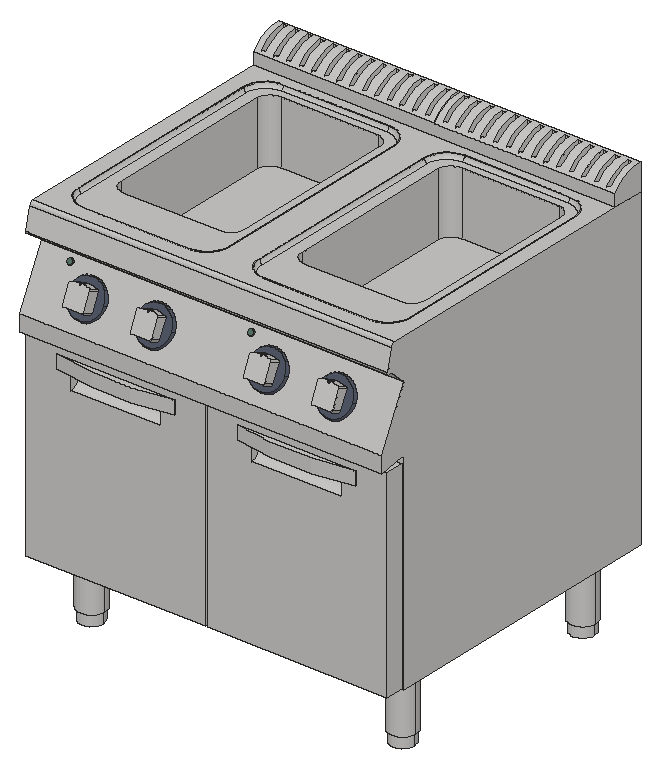
Revit family "QF_ZANUSSI_372099_Z7PCEH2KF0", category Specialty Equipment, Revit 2018 (continued)
Automatic sketch dimensions
  Extrusion 13 sketch curve to Extrusion 13 sketch curve = 9.296 mm
  Extrusion 13 sketch curve to Extrusion 13 sketch curve = 57.15 mm
  plane 1 "BACK" to Extrusion 14 sketch curve = 6.761 mm
  Extrusion 14 sketch curve to plane 7 "Center Y" = 154.563 mm
  Extrusion 14 sketch curve to Extrusion 14 sketch curve = 9.296 mm
  Extrusion 14 sketch curve to Extrusion 14 sketch curve = 57.15 mm
  plane 1 "BACK" to Extrusion 15 sketch curve = 6.761 mm
  Extrusion 15 sketch curve to plane 7 "Center Y" = 126.721 mm
  Extrusion 15 sketch curve to Extrusion 15 sketch curve = 9.296 mm
  Extrusion 15 sketch curve to Extrusion 15 sketch curve = 57.15 mm
  plane 1 "BACK" to Extrusion 16 sketch curve = 6.761 mm
  Extrusion 16 sketch curve to plane 7 "Center Y" = 98.878 mm
  Extrusion 16 sketch curve to Extrusion 16 sketch curve = 9.296 mm
  Extrusion 16 sketch curve to Extrusion 16 sketch curve = 57.15 mm
  plane 1 "BACK" to Extrusion 17 sketch curve = 6.761 mm
  Extrusion 17 sketch curve to plane 7 "Center Y" = 71.036 mm
  Extrusion 17 sketch curve to Extrusion 17 sketch curve = 9.296 mm
  Extrusion 17 sketch curve to Extrusion 17 sketch curve = 57.15 mm
  plane 1 "BACK" to Extrusion 18 sketch curve = 6.761 mm
  Extrusion 18 sketch curve to plane 7 "Center Y" = 43.194 mm
  Extrusion 18 sketch curve to Extrusion 18 sketch curve = 9.296 mm
  Extrusion 18 sketch curve to Extrusion 18 sketch curve = 57.15 mm
  Extrusion 20 sketch curve to plane 1 "BACK" = 6.761 mm
  Extrusion 20 sketch curve to plane 7 "Center Y" = 15.351 mm
  Extrusion 20 sketch curve to Extrusion 20 sketch curve = 9.296 mm
  Extrusion 20 sketch curve to Extrusion 20 sketch curve = 57.15 mm
  Extrusion 27 sketch curve to plane 1 "BACK" = 6.761 mm
  Extrusion 27 sketch curve to plane 7 "Center Y" = 182.405 mm
  Extrusion 27 sketch curve to Extrusion 27 sketch curve = 9.296 mm
  Extrusion 27 sketch curve to Extrusion 27 sketch curve = 57.15 mm
  Extrusion 28 sketch curve to plane 1 "BACK" = 6.761 mm
  Extrusion 28 sketch curve to plane 7 "Center Y" = 154.563 mm
  Extrusion 28 sketch curve to Extrusion 28 sketch curve = 9.296 mm
  Extrusion 28 sketch curve to Extrusion 28 sketch curve = 57.15 mm
  Extrusion 29 sketch curve to plane 1 "BACK" = 6.761 mm
  Extrusion 29 sketch curve to plane 7 "Center Y" = 126.721 mm
  Extrusion 29 sketch curve to Extrusion 29 sketch curve = 9.296 mm
  Extrusion 29 sketch curve to Extrusion 29 sketch curve = 57.15 mm
  Extrusion 30 sketch curve to plane 1 "BACK" = 6.761 mm
  Extrusion 30 sketch curve to plane 7 "Center Y" = 98.878 mm
  Extrusion 30 sketch curve to Extrusion 30 sketch curve = 9.296 mm
  Extrusion 30 sketch curve to Extrusion 30 sketch curve = 57.15 mm
  Extrusion 31 sketch curve to plane 1 "BACK" = 6.761 mm
  Extrusion 31 sketch curve to plane 7 "Center Y" = 71.036 mm
  Extrusion 31 sketch curve to Extrusion 31 sketch curve = 9.296 mm
  Extrusion 31 sketch curve to Extrusion 31 sketch curve = 57.15 mm
  Extrusion 32 sketch curve to plane 1 "BACK" = 6.761 mm
  Extrusion 32 sketch curve to plane 7 "Center Y" = 43.194 mm
  Extrusion 32 sketch curve to Extrusion 32 sketch curve = 9.296 mm
  Extrusion 32 sketch curve to Extrusion 32 sketch curve = 57.15 mm
  plane 1 "BACK" to Extrusion 33 sketch curve = 0 mm
  plane 7 "Center Y" to Extrusion 33 sketch curve = 1.587 mm
  Extrusion 33 sketch curve to plane 7 "Center Y" = 1.588 mm
  Extrusion 33 sketch curve to Extrusion 33 sketch curve = 69.85 mm
  Revolve 34 sketch curve to level = 0 mm
  Revolve 34 sketch curve to plane 14 = 0 mm  (x2)
  level to Revolve 34 sketch curve = 25 mm
  plane 3 "LEFT" to Revolve 34 sketch curve = 56 mm
  plane 3 "LEFT" to Revolve 34 sketch curve = 29.75 mm
  plane 3 "LEFT" to Revolve 34 sketch curve = 26 mm
  Revolve 34 sketch curve to Revolve 34 sketch curve = 20 mm
  Revolve 34 sketch curve to Revolve 34 sketch curve = 0 mm
  Revolve 35 sketch curve to level = 0 mm
  Revolve 35 sketch curve to plane 14 = 0 mm  (x2)
  level to Revolve 35 sketch curve = 25 mm
  plane 3 "LEFT" to Revolve 35 sketch curve = 56 mm
  plane 3 "LEFT" to Revolve 35 sketch curve = 29.75 mm
  plane 3 "LEFT" to Revolve 35 sketch curve = 26 mm
  Revolve 35 sketch curve to Revolve 35 sketch curve = 20 mm
  Revolve 35 sketch curve to Revolve 35 sketch curve = 0 mm
  Sweep 40 sketch curve to plane 11 = 2.62 mm  (x2)
  Sweep 40 sketch curve to plane 7 "Center Y" = 33.337 mm
  plane 11 to Sweep 40 sketch curve = 47.38 mm
  Sweep 40 sketch curve to plane 12 = 57.513 mm
  Sweep 40 sketch curve to Sweep 40 sketch curve = 50 mm  (x2)
  plane 3 "LEFT" to Sweep 40 sketch curve = 83.338 mm
  profile plane to Sweep 40 sketch curve = 0 mm
  Sweep 40 sketch curve to plane 10 "TOP A" = 0 mm
  Sweep 40 sketch curve to profile plane = 5.055 mm
  Sweep 40 sketch curve to profile plane = 14.151 mm
  Extrusion 42 sketch curve to plane 5 "FRONT" = 12.909 mm
  Extrusion 42 sketch curve to plane 5 "FRONT" = 15 mm
  Extrusion 42 sketch curve to Extrusion 42 sketch curve = 22 mm
  Extrusion 42 sketch curve to plane 9 "BASE" = 83.237 mm
  Extrusion 42 sketch curve to Extrusion 42 sketch curve = 26 mm
  Extrusion 43 sketch curve to plane 5 "FRONT" = 15 mm
  Extrusion 43 sketch curve to plane 7 "Center Y" = 69.727 mm
  Extrusion 43 sketch curve to plane 12 = 42.135 mm
  plane 3 "LEFT" to Extrusion 43 sketch curve = 200 mm
  plane 3 "LEFT" to Extrusion 43 sketch curve = 69.727 mm
  Extrusion 43 sketch curve to Extrusion 43 sketch curve = 0.915 mm
  Extrusion 44 sketch curve to plane 5 "FRONT" = 12.909 mm
  Extrusion 44 sketch curve to plane 5 "FRONT" = 15 mm
  Extrusion 44 sketch curve to Extrusion 44 sketch curve = 22 mm
  Extrusion 44 sketch curve to plane 9 "BASE" = 83.237 mm
  Extrusion 44 sketch curve to Extrusion 44 sketch curve = 26 mm
  Extrusion 47 sketch curve to plane 7 "Center Y" = 2.13 mm
  plane 14 to Extrusion 47 sketch curve = 5 mm
  Extrusion 47 sketch curve to plane 9 "BASE" = 0.237 mm
  plane 7 "Center Y" to Extrusion 47 sketch curve = 2.13 mm
  Extrusion 48 sketch curve to plane 5 "FRONT" = 9.329 mm
  Extrusion 48 sketch curve to plane 10 "TOP A" = 112.016 mm
  Extrusion 48 sketch curve to Extrusion 48 sketch curve = 3 mm
  Extrusion 48 sketch curve to Extrusion 48 sketch curve = 0 mm
  Extrusion 48 sketch curve to Extrusion 48 sketch curve = 1 mm  (x2)
  Extrusion 48 sketch curve to Extrusion 48 sketch curve = 15 mm
  Extrusion 49 sketch curve to plane 7 "Center Y" = 107.5 mm
  Extrusion 49 sketch curve to Extrusion 49 sketch curve = 35 mm  (x2)
  Extrusion 50 sketch curve to plane 7 "Center Y" = 102 mm
  Extrusion 50 sketch curve to Extrusion 50 sketch curve = 2.997 mm  (x3)
  Extrusion 50 sketch curve to Extrusion 50 sketch curve = 20.003 mm  (x2)
  Extrusion 50 sketch curve to Extrusion 50 sketch curve = 40.005 mm
  Extrusion 50 sketch curve to Extrusion 50 sketch curve = 0 mm  (x2)
  Extrusion 50 sketch curve to Extrusion 50 sketch curve = 40.037 mm
  Extrusion 50 sketch curve to Extrusion 50 sketch curve = 5.399 mm
  Blend 51 sketch curve to plane 7 "Center Y" = 125 mm  (x2)
  Split face 1 sketch curve to Split face 1 sketch curve = 6 mm
  Split face 1 sketch curve to Split face 1 sketch curve = 30.402 mm
  Split face 1 sketch curve to Split face 1 sketch curve = 9.201 mm
  Split face 1 sketch curve to Split face 1 sketch curve = 2.43 mm
  Split face 1 sketch curve to Split face 1 sketch curve = 0.785 mm
  plane 3 "LEFT" to Extrusion 52 sketch curve = 102 mm
  Extrusion 52 sketch curve to Extrusion 52 sketch curve = 2.997 mm  (x3)
  Extrusion 52 sketch curve to Extrusion 52 sketch curve = 20.003 mm  (x2)
  Extrusion 52 sketch curve to Extrusion 52 sketch curve = 40.005 mm
  Extrusion 52 sketch curve to Extrusion 52 sketch curve = 5.399 mm
  Extrusion 52 sketch curve to Extrusion 52 sketch curve = 40.037 mm
  Extrusion 52 sketch curve to Extrusion 52 sketch curve = 0 mm  (x2)
  Extrusion 53 sketch curve to plane 5 "FRONT" = 9.329 mm
  Extrusion 53 sketch curve to plane 10 "TOP A" = 112.016 mm
  Extrusion 53 sketch curve to Extrusion 53 sketch curve = 3 mm
  Extrusion 53 sketch curve to Extrusion 53 sketch curve = 0 mm  (x2)
  Extrusion 53 sketch curve to Extrusion 53 sketch curve = 1 mm
  Extrusion 53 sketch curve to Extrusion 53 sketch curve = 15 mm
  plane 3 "LEFT" to Extrusion 54 sketch curve = 69.999 mm
  plane 3 "LEFT" to Extrusion 55 sketch curve = 107.5 mm
  Extrusion 55 sketch curve to Extrusion 55 sketch curve = 35 mm  (x2)
  plane 3 "LEFT" to Blend 56 sketch curve = 125 mm  (x2)
  Extrusion 57 sketch curve to plane 5 "FRONT" = 9.329 mm
  Extrusion 57 sketch curve to plane 10 "TOP A" = 112.016 mm
  Extrusion 57 sketch curve to Extrusion 57 sketch curve = 3 mm
  Extrusion 57 sketch curve to Extrusion 57 sketch curve = 0 mm
  Extrusion 57 sketch curve to Extrusion 57 sketch curve = 1 mm  (x2)
  Extrusion 57 sketch curve to Extrusion 57 sketch curve = 15 mm
  plane 7 "Center Y" to Extrusion 61 sketch curve = 102 mm
  Extrusion 61 sketch curve to Extrusion 61 sketch curve = 2.997 mm  (x3)
  Extrusion 61 sketch curve to Extrusion 61 sketch curve = 20.003 mm  (x2)
  Extrusion 61 sketch curve to Extrusion 61 sketch curve = 40.005 mm
  Extrusion 61 sketch curve to Extrusion 61 sketch curve = 5.399 mm
  Extrusion 61 sketch curve to Extrusion 61 sketch curve = 40.037 mm
  Extrusion 61 sketch curve to Extrusion 61 sketch curve = 0 mm  (x2)
  Extrusion 62 sketch curve to plane 5 "FRONT" = 9.329 mm
  Extrusion 62 sketch curve to plane 10 "TOP A" = 112.016 mm
  Extrusion 62 sketch curve to Extrusion 62 sketch curve = 3 mm
  Extrusion 62 sketch curve to Extrusion 62 sketch curve = 0 mm  (x2)
  Extrusion 62 sketch curve to Extrusion 62 sketch curve = 1 mm
  Extrusion 62 sketch curve to Extrusion 62 sketch curve = 15 mm
  plane 7 "Center Y" to Extrusion 63 sketch curve = 69.999 mm
  plane 7 "Center Y" to Extrusion 64 sketch curve = 107.5 mm
  Extrusion 64 sketch curve to Extrusion 64 sketch curve = 35 mm  (x2)
  plane 7 "Center Y" to Blend 65 sketch curve = 125 mm  (x2)
  curve 210 to plane 3 "LEFT" = 0 mm
  curve 175 to plane 3 "LEFT" = 0 mm
  curve 175 to plane 4 "RIGHT" = 0 mm
  plane 3 "LEFT" to curve 176 = 102 mm
  curve 176 to curve 177 = 0.809 mm
  curve 180 to curve 180 = 1.583 mm
  curve 177 to curve 178 = 1.846 mm
  curve 177 to curve 191 = 2.189 mm
  curve 176 to curve 179 = 11.892 mm
  curve 180 to curve 183 = 20.417 mm
  curve 178 to curve 181 = 19.134 mm
  curve 181 to curve 190 = 1.738 mm
  curve 182 to curve 184 = 2 mm
  curve 179 to curve 188 = 22.215 mm
  curve 183 to curve 191 = 19.003 mm
  curve 191 to curve 187 = 0.343 mm
  curve 187 to curve 189 = 1.071 mm
  curve 191 to curve 186 = 2.189 mm
  curve 186 to curve 185 = 0.809 mm
  curve 185 to curve 201 = 104 mm
  curve 202 to curve 202 = 0.809 mm
  curve 205 to curve 205 = 1.583 mm
  curve 202 to curve 203 = 1.846 mm
  curve 202 to curve 207 = 2.189 mm
  curve 201 to curve 204 = 11.892 mm
  curve 205 to curve 199 = 20.417 mm
  curve 203 to curve 206 = 19.134 mm
  curve 206 to curve 197 = 1.738 mm
  curve 199 to curve 198 = 2 mm
  curve 204 to curve 195 = 22.215 mm
  curve 198 to curve 207 = 19.003 mm
  curve 207 to curve 194 = 0.343 mm
  curve 194 to curve 196 = 1.071 mm
  curve 207 to curve 193 = 2.189 mm
  curve 193 to curve 192 = 0.809 mm
  plane 7 "Center Y" to curve 211 = 102 mm
  curve 211 to curve 212 = 0.809 mm
  curve 215 to curve 215 = 1.583 mm
  curve 212 to curve 213 = 1.846 mm
  curve 212 to curve 226 = 2.189 mm
  curve 211 to curve 214 = 11.892 mm
  curve 215 to curve 218 = 20.417 mm
  curve 226 to curve 216 = 19.134 mm
  curve 216 to curve 225 = 1.738 mm
  curve 217 to curve 219 = 2 mm
  curve 214 to curve 223 = 22.215 mm
  curve 218 to curve 226 = 19.003 mm
  curve 222 to curve 222 = 0.343 mm
  curve 222 to curve 224 = 1.071 mm
  curve 226 to curve 221 = 2.189 mm
  curve 221 to curve 220 = 0.809 mm
  curve 220 to curve 236 = 104 mm
  curve 236 to curve 237 = 0.809 mm
  curve 240 to curve 240 = 1.583 mm
  curve 237 to curve 238 = 1.846 mm
  curve 237 to curve 242 = 2.189 mm
  curve 236 to curve 239 = 11.892 mm
  curve 240 to curve 234 = 20.417 mm
  curve 238 to curve 241 = 19.134 mm
  curve 241 to curve 232 = 1.738 mm
  curve 234 to curve 233 = 2 mm
  curve 239 to curve 230 = 22.215 mm
  curve 233 to curve 242 = 19.003 mm
  curve 229 to curve 229 = 0.343 mm
  curve 229 to curve 231 = 1.071 mm
  curve 229 to curve 228 = 2.189 mm
  curve 228 to curve 227 = 0.809 mm
  plane 5 "FRONT" to curve 197 = 97.519 mm
  curve 206 to curve 197 = 0 mm
  curve 197 to curve 225 = 0 mm
  curve 181 to curve 206 = 0 mm
  curve 181 to curve 190 = 0 mm
  curve 216 to curve 225 = 0 mm
  curve 225 to curve 241 = 0 mm
  curve 241 to curve 232 = 0 mm
  curve 206 to curve 207 = 86.839 mm
  curve 232 to curve 242 = 86.839 mm
  curve 181 to curve 191 = 86.839 mm
  curve 216 to curve 226 = 86.839 mm
  curve 242 to curve 236 = 1.333 mm
  curve 226 to curve 220 = 1.333 mm
  curve 207 to curve 202 = 1.333 mm
  curve 191 to curve 185 = 1.333 mm
  curve 213 to curve 212 = 1.333 mm
  curve 229 to curve 228 = 1.333 mm
  curve 207 to curve 192 = 1.333 mm
  curve 191 to curve 176 = 1.333 mm
  curve 202 to curve 203 = 2.779 mm
  curve 237 to curve 238 = 2.779 mm
  curve 221 to curve 222 = 2.779 mm
  curve 193 to curve 194 = 2.779 mm
  curve 228 to curve 229 = 2.779 mm
  curve 186 to curve 187 = 2.779 mm
  curve 177 to curve 178 = 2.779 mm
  curve 212 to curve 213 = 2.779 mm
  curve 194 to curve 196 = 14.462 mm
  curve 238 to curve 240 = 14.462 mm
  curve 229 to curve 231 = 14.462 mm
  curve 222 to curve 224 = 14.462 mm
  curve 187 to curve 189 = 14.462 mm
  curve 213 to curve 215 = 14.462 mm
  curve 178 to curve 180 = 14.462 mm
  curve 203 to curve 205 = 14.462 mm
  curve 224 to curve 219 = 1.435 mm
  curve 180 to curve 183 = 1.435 mm
  curve 205 to curve 200 = 1.435 mm
  curve 231 to curve 233 = 1.435 mm
  curve 183 to curve 188 = 41.91 mm
  curve 234 to curve 239 = 41.91 mm
  curve 217 to curve 214 = 41.91 mm
  curve 239 to curve 230 = 0 mm
  curve 198 to curve 195 = 41.91 mm
  curve 179 to curve 188 = 0 mm
  curve 204 to curve 195 = 0 mm
  curve 214 to curve 223 = 0 mm
  plane 3 "LEFT" to curve 99 = 13.453 mm
  curve 99 to curve 99 = 9.296 mm
  curve 99 to curve 101 = 18.547 mm
  curve 101 to curve 101 = 9.296 mm
  curve 101 to curve 102 = 18.547 mm
  curve 102 to curve 102 = 9.296 mm
  curve 102 to curve 103 = 18.547 mm
  curve 103 to curve 103 = 9.296 mm
  curve 179 to curve 176 = 9.809 mm
  curve 180 to curve 180 = 0.284 mm
  curve 103 to curve 104 = 18.547 mm
  curve 104 to curve 104 = 9.296 mm
  curve 104 to curve 105 = 18.547 mm
  curve 105 to curve 105 = 9.296 mm
  curve 189 to curve 189 = 0.284 mm
  curve 185 to curve 188 = 9.809 mm
  curve 105 to curve 106 = 18.547 mm
  curve 106 to curve 106 = 9.296 mm
  curve 106 to curve 107 = 18.547 mm
  curve 107 to curve 107 = 9.296 mm
  curve 204 to curve 201 = 9.809 mm
  curve 205 to curve 205 = 0.284 mm
  curve 107 to curve 108 = 18.547 mm
  curve 108 to curve 108 = 9.296 mm
  curve 108 to curve 109 = 18.547 mm
  curve 109 to curve 109 = 9.296 mm
  curve 196 to curve 197 = 0.284 mm
  curve 192 to curve 195 = 9.809 mm
  curve 109 to curve 110 = 18.547 mm
  curve 110 to curve 110 = 9.296 mm
  curve 110 to curve 111 = 18.547 mm
  curve 111 to curve 111 = 9.296 mm
  curve 111 to curve 112 = 18.547 mm
  curve 112 to curve 112 = 9.296 mm
  curve 112 to curve 100 = 18.547 mm
  curve 100 to curve 100 = 9.296 mm
  plane 7 "Center Y" to curve 114 = 15.351 mm
  curve 114 to curve 114 = 9.296 mm
  curve 114 to curve 126 = 18.547 mm
  curve 126 to curve 126 = 9.296 mm
  curve 126 to curve 125 = 18.547 mm
  curve 125 to curve 125 = 9.296 mm
  curve 125 to curve 124 = 18.547 mm
  curve 124 to curve 124 = 9.296 mm
  curve 214 to curve 211 = 9.809 mm
  curve 216 to curve 215 = 0.284 mm
  curve 124 to curve 123 = 18.547 mm
  curve 123 to curve 123 = 9.296 mm
  curve 123 to curve 122 = 18.547 mm
  curve 122 to curve 122 = 9.296 mm
  curve 224 to curve 224 = 0.284 mm
  curve 220 to curve 223 = 9.809 mm
  curve 122 to curve 121 = 18.547 mm
  curve 121 to curve 121 = 9.296 mm
  curve 121 to curve 120 = 18.547 mm
  curve 120 to curve 120 = 9.296 mm
  curve 239 to curve 236 = 9.809 mm
  curve 240 to curve 240 = 0.284 mm
  curve 120 to curve 119 = 18.547 mm
  curve 119 to curve 119 = 9.296 mm
  curve 119 to curve 118 = 18.547 mm
  curve 118 to curve 118 = 9.296 mm
  curve 231 to curve 231 = 0.284 mm
  curve 227 to curve 230 = 9.809 mm
  curve 118 to curve 117 = 18.547 mm
  curve 117 to curve 117 = 9.296 mm
  curve 117 to curve 116 = 18.547 mm
  curve 116 to curve 116 = 9.296 mm
  curve 116 to curve 115 = 18.547 mm
  curve 115 to curve 115 = 9.296 mm
  curve 115 to curve 113 = 18.547 mm
  curve 113 to curve 113 = 9.296 mm
  plane 4 "RIGHT" to curve 244 = 0.05 mm
  curve 178 to curve 210 = 6.567 mm
  curve 238 to curve 243 = 6.567 mm
  curve 229 to curve 244 = 6.567 mm
  curve 187 to curve 208 = 6.567 mm
  curve 194 to curve 209 = 6.567 mm
  curve 215 to curve 215 = 0.567 mm
  curve 196 to curve 196 = 0.567 mm
  curve 205 to curve 205 = 0.567 mm
  curve 189 to curve 189 = 0.567 mm
  curve 240 to curve 240 = 0.567 mm
  curve 231 to curve 231 = 0.567 mm
  curve 224 to curve 224 = 0.567 mm
  curve 180 to curve 180 = 0.567 mm
  curve 216 to curve 214 = 1.156 mm
  plane 1 "BACK" to curve 120 = 63.911 mm
  curve 121 to curve 120 = 0 mm
  plane 1 "BACK" to curve 116 = 63.911 mm
  curve 116 to curve 115 = 0 mm
  curve 122 to curve 121 = 0 mm
  plane 1 "BACK" to curve 114 = 63.911 mm
  curve 117 to curve 116 = 0 mm
  curve 115 to curve 113 = 0 mm
  curve 112 to curve 114 = 0 mm
  curve 111 to curve 112 = 0 mm
  curve 118 to curve 117 = 0 mm
  curve 123 to curve 122 = 0 mm
  curve 110 to curve 111 = 0 mm
  curve 109 to curve 110 = 0 mm
  curve 124 to curve 123 = 0 mm
  curve 108 to curve 109 = 0 mm
  curve 107 to curve 108 = 0 mm
  curve 125 to curve 124 = 0 mm
  curve 106 to curve 107 = 0 mm
  curve 105 to curve 106 = 0 mm
  curve 104 to curve 105 = 0 mm
  curve 103 to curve 104 = 0 mm
  curve 119 to curve 118 = 0 mm
  curve 126 to curve 125 = 0 mm
  curve 102 to curve 103 = 0 mm
  curve 101 to curve 102 = 0 mm
  curve 112 to curve 100 = 0 mm
  curve 99 to curve 101 = 0 mm
  Extrusion 2 sketch curve to plane 10 "TOP A" = 0 mm
  Extrusion 2 sketch curve to plane 1 "BACK" = 0 mm
  Extrusion 2 sketch curve to plane 6 "TOP" = 0 mm
  plane 1 "BACK" to Extrusion 2 sketch curve = 1.769 mm
  plane 10 "TOP A" to Extrusion 2 sketch curve = 25.4 mm
  plane 1 "BACK" to Extrusion 2 sketch curve = 69.85 mm
  Extrusion 3 sketch curve to plane 12 = 7.513 mm  (x3)
  Extrusion 3 sketch curve to plane 4 "RIGHT" = 33.338 mm
  Extrusion 3 sketch curve to plane 12 = 57.513 mm
  Extrusion 3 sketch curve to plane 11 = 2.62 mm  (x3)
  Extrusion 3 sketch curve to Extrusion 3 sketch curve = 50 mm  (x4)
  plane 7 "Center Y" to Extrusion 3 sketch curve = 83.337 mm
  Extrusion 3 sketch curve to plane 7 "Center Y" = 33.337 mm
  plane 3 "LEFT" to Extrusion 3 sketch curve = 83.338 mm  (x2)
  plane 5 "FRONT" to Extrusion 5 sketch curve = 0 mm  (x2)
  plane 1 "BACK" to Extrusion 5 sketch curve = 0 mm
  Extrusion 5 sketch curve to plane 3 "LEFT" = 0 mm
  Extrusion 5 sketch curve to plane 4 "RIGHT" = 0 mm
  Extrusion 5 sketch curve to plane 3 "LEFT" = 150.019 mm
  plane 4 "RIGHT" to Extrusion 5 sketch curve = 150.019 mm
  Extrusion 5 sketch curve to plane 1 "BACK" = 150.019 mm
  curve 128 to curve 150 = 0 mm  (x2)
  curve 130 to curve 144 = 0 mm  (x2)
  curve 132 to curve 146 = 0 mm
  curve 134 to curve 148 = 0 mm  (x2)
  curve 152 to curve 174 = 0 mm  (x2)
  curve 154 to curve 168 = 0 mm  (x2)
  curve 156 to curve 170 = 0 mm  (x2)
  curve 158 to curve 172 = 0 mm
  curve 6 to plane 4 "RIGHT" = 0 mm
  curve 97 to plane 4 "RIGHT" = 0 mm
  plane 5 "FRONT" to curve 98 = 0 mm
  plane 5 "FRONT" to curve 97 = 0 mm
  plane 1 "BACK" to curve 92 = 0 mm
  plane 5 "FRONT" to curve 95 = 0 mm
  plane 5 "FRONT" to curve 96 = 0 mm
  curve 5 to plane 3 "LEFT" = 0 mm
  curve 95 to plane 3 "LEFT" = 0 mm
  plane 5 "FRONT" to curve 5 = 0 mm
  plane 5 "FRONT" to curve 6 = 0 mm
  plane 4 "RIGHT" to curve 3 = 150.019 mm
  curve 52 to plane 4 "RIGHT" = 13.453 mm
  curve 51 to curve 52 = 9.296 mm
  curve 155 to plane 4 "RIGHT" = 33.338 mm
  curve 155 to curve 169 = 5.055 mm
  plane 1 "BACK" to curve 57 = 6.761 mm
  curve 50 to curve 57 = 18.547 mm
  curve 57 to curve 58 = 9.296 mm
  curve 165 to plane 4 "RIGHT" = 63.338 mm
  plane 1 "BACK" to curve 60 = 6.761 mm
  curve 56 to curve 60 = 18.547 mm
  curve 60 to curve 59 = 9.296 mm
  curve 154 to plane 12 = 7.513 mm
  curve 165 to curve 154 = 20 mm
  curve 170 to plane 11 = 2.62 mm
  curve 169 to curve 170 = 44.945 mm
  curve 164 to curve 163 = 30 mm
  curve 154 to curve 166 = 10 mm
  plane 1 "BACK" to curve 64 = 6.761 mm
  curve 59 to curve 64 = 18.547 mm
  curve 63 to curve 62 = 9.296 mm
  plane 1 "BACK" to curve 67 = 6.761 mm
  curve 62 to curve 67 = 18.547 mm
  curve 66 to curve 65 = 9.296 mm
  plane 1 "BACK" to curve 69 = 6.761 mm
  curve 65 to curve 69 = 18.547 mm
  curve 69 to curve 68 = 9.296 mm
  plane 1 "BACK" to curve 72 = 6.761 mm
  curve 68 to curve 72 = 18.547 mm
  curve 72 to curve 71 = 9.296 mm
  plane 1 "BACK" to curve 75 = 6.761 mm
  curve 71 to curve 75 = 18.547 mm
  curve 75 to curve 74 = 9.296 mm
  plane 1 "BACK" to curve 79 = 6.761 mm
  curve 74 to curve 79 = 18.547 mm
  curve 78 to curve 79 = 9.296 mm
  plane 1 "BACK" to curve 81 = 6.761 mm
  curve 77 to curve 81 = 18.547 mm
  curve 81 to curve 82 = 9.296 mm
  plane 1 "BACK" to curve 85 = 6.761 mm
  curve 80 to curve 85 = 18.547 mm
  curve 84 to curve 83 = 9.296 mm
  plane 7 "Center Y" to curve 162 = 93.338 mm
  curve 83 to curve 159 = 5.541 mm
  curve 172 to plane 11 = 2.62 mm
  curve 162 to curve 172 = 10 mm
  curve 152 to plane 12 = 7.563 mm
  plane 1 "BACK" to curve 87 = 6.761 mm
  curve 83 to curve 87 = 18.547 mm
  curve 87 to curve 88 = 9.296 mm
  curve 162 to curve 161 = 30.05 mm
  plane 7 "Center Y" to curve 98 = 54.971 mm
  plane 1 "BACK" to curve 90 = 6.761 mm
  curve 86 to curve 90 = 18.547 mm
  curve 90 to curve 91 = 9.296 mm
  plane 1 "BACK" to curve 55 = 6.761 mm
  curve 89 to curve 55 = 18.547 mm
  curve 54 to curve 55 = 9.296 mm
  plane 7 "Center Y" to curve 94 = 1.588 mm
  curve 93 to plane 7 "Center Y" = 1.587 mm
  plane 1 "BACK" to curve 11 = 6.761 mm
  curve 93 to curve 11 = 13.764 mm
  curve 11 to curve 13 = 9.296 mm
  curve 127 to plane 11 = 2.62 mm
  curve 127 to plane 7 "Center Y" = 33.337 mm
  curve 127 to curve 149 = 5.055 mm
  plane 1 "BACK" to curve 49 = 6.761 mm
  curve 12 to curve 49 = 18.547 mm
  curve 47 to curve 49 = 9.296 mm
  curve 96 to plane 7 "Center Y" = 54.971 mm
  curve 137 to plane 7 "Center Y" = 63.337 mm
  plane 1 "BACK" to curve 44 = 6.761 mm
  curve 48 to curve 44 = 18.547 mm
  curve 44 to curve 46 = 9.296 mm
  curve 128 to plane 12 = 7.513 mm
  curve 136 to curve 128 = 20 mm
  curve 148 to curve 148 = 44.945 mm
  curve 138 to curve 138 = 30 mm
  curve 128 to curve 136 = 10 mm
  plane 1 "BACK" to curve 43 = 6.761 mm
  curve 45 to curve 43 = 18.547 mm
  curve 41 to curve 43 = 9.296 mm
  plane 1 "BACK" to curve 40 = 6.761 mm
  curve 42 to curve 40 = 18.547 mm
  curve 38 to curve 40 = 9.296 mm
  plane 1 "BACK" to curve 37 = 6.761 mm
  curve 39 to curve 37 = 18.547 mm
  curve 35 to curve 37 = 9.296 mm
  plane 1 "BACK" to curve 34 = 6.761 mm
  curve 36 to curve 34 = 18.547 mm
  curve 32 to curve 33 = 9.296 mm
  plane 1 "BACK" to curve 31 = 6.761 mm
  curve 33 to curve 31 = 18.547 mm
  curve 29 to curve 31 = 9.296 mm
  plane 1 "BACK" to curve 26 = 6.761 mm
  curve 30 to curve 26 = 18.547 mm
  curve 26 to curve 28 = 9.296 mm
  plane 1 "BACK" to curve 23 = 6.761 mm
  curve 27 to curve 23 = 18.547 mm
  curve 23 to curve 24 = 9.296 mm
  plane 1 "BACK" to curve 22 = 6.761 mm
  curve 24 to curve 22 = 18.547 mm
  curve 20 to curve 22 = 9.296 mm
  plane 3 "LEFT" to curve 140 = 93.338 mm
  curve 142 to plane 12 = 7.513 mm
  curve 21 to curve 142 = 3.642 mm
  curve 132 to plane 11 = 2.62 mm
  curve 140 to curve 132 = 10 mm
  curve 135 to curve 129 = 10 mm
  plane 1 "BACK" to curve 19 = 6.761 mm
  curve 21 to curve 19 = 18.547 mm
  curve 17 to curve 19 = 9.296 mm
  curve 140 to curve 141 = 30.05 mm
  plane 1 "BACK" to curve 16 = 6.761 mm
  curve 18 to curve 16 = 18.547 mm
  curve 14 to curve 16 = 9.296 mm
  plane 1 "BACK" to curve 9 = 6.761 mm
  curve 15 to curve 9 = 18.547 mm
  curve 7 to curve 8 = 9.296 mm
  curve 2 to plane 3 "LEFT" = 150.019 mm
  curve 2 to plane 1 "BACK" = 150.019 mm
  plane 1 "BACK" to curve 50 = 6.761 mm
  curve 11 to curve 10 = 63.089 mm
  curve 10 to curve 94 = 0 mm
  curve 167 to curve 159 = 14.945 mm
  curve 140 to curve 132 = 80 mm
  curve 162 to curve 158 = 80 mm
  curve 95 to plane 5 "FRONT" = 42.863 mm
  curve 97 to plane 5 "FRONT" = 42.863 mm
  plane 5 "FRONT" to curve 98 = 156.356 mm
  curve 96 to curve 98 = 0 mm
  curve 98 to curve 156 = 9.097 mm
  curve 60 to curve 154 = 26.213 mm
  curve 62 to curve 154 = 26.213 mm
  curve 62 to curve 63 = 0 mm
  curve 59 to curve 60 = 0 mm
  curve 60 to curve 57 = 0 mm
  curve 56 to curve 57 = 0 mm
  curve 54 to curve 92 = 5.939 mm
  curve 65 to curve 62 = 0 mm
  curve 65 to curve 66 = 0 mm
  curve 53 to curve 54 = 0 mm
  curve 51 to curve 94 = 5.939 mm
  curve 50 to curve 51 = 0 mm
  curve 48 to curve 128 = 26.213 mm
  curve 68 to curve 65 = 0 mm
  curve 68 to curve 69 = 0 mm
  curve 48 to curve 47 = 0 mm
  curve 45 to curve 128 = 26.213 mm
  curve 45 to curve 44 = 0 mm
  curve 42 to curve 45 = 0 mm
  curve 71 to curve 68 = 0 mm
  curve 71 to curve 72 = 0 mm
  curve 42 to curve 41 = 0 mm
  curve 39 to curve 42 = 0 mm
  curve 39 to curve 38 = 0 mm
  curve 36 to curve 39 = 0 mm
  curve 74 to curve 71 = 0 mm
  curve 74 to curve 75 = 0 mm
  curve 36 to curve 35 = 0 mm
  curve 33 to curve 36 = 0 mm
  curve 33 to curve 32 = 0 mm
  curve 30 to curve 33 = 0 mm
  curve 77 to curve 74 = 0 mm
  curve 77 to curve 78 = 0 mm
  curve 30 to curve 29 = 0 mm
  curve 27 to curve 30 = 0 mm
  curve 27 to curve 26 = 0 mm
  curve 24 to curve 27 = 0 mm
  curve 80 to curve 77 = 0 mm
  curve 80 to curve 81 = 0 mm
  curve 24 to curve 23 = 0 mm
  curve 21 to curve 24 = 0 mm
  curve 21 to curve 20 = 0 mm
  curve 18 to curve 21 = 0 mm
  curve 83 to curve 80 = 0 mm
  curve 83 to curve 84 = 0 mm
  curve 18 to curve 17 = 0 mm
  curve 15 to curve 18 = 0 mm
  curve 15 to curve 14 = 0 mm
  curve 47 to curve 12 = 0 mm
  curve 86 to curve 83 = 0 mm
  curve 86 to curve 87 = 0 mm
  curve 12 to curve 11 = 0 mm
  curve 90 to curve 86 = 0 mm
  curve 89 to curve 90 = 0 mm
  curve 8 to curve 10 = 5.939 mm
  curve 8 to curve 7 = 0 mm
  plane 5 "FRONT" to curve 1 = 1.377 mm
  plane 5 "FRONT" to curve 3 = 1.377 mm
  Extrusion 19 sketch curve to plane 1 "BACK" = 6.761 mm
  plane 4 "RIGHT" to Extrusion 19 sketch curve = 22.749 mm
  Extrusion 19 sketch curve to Extrusion 19 sketch curve = 9.296 mm
  Extrusion 19 sketch curve to Extrusion 19 sketch curve = 57.15 mm
  Extrusion 21 sketch curve to plane 1 "BACK" = 6.761 mm
  plane 4 "RIGHT" to Extrusion 21 sketch curve = 50.591 mm
  Extrusion 21 sketch curve to Extrusion 21 sketch curve = 9.296 mm
  Extrusion 21 sketch curve to Extrusion 21 sketch curve = 57.15 mm
  Extrusion 22 sketch curve to plane 1 "BACK" = 6.761 mm
  plane 4 "RIGHT" to Extrusion 22 sketch curve = 78.433 mm
  Extrusion 22 sketch curve to Extrusion 22 sketch curve = 9.296 mm
  Extrusion 22 sketch curve to Extrusion 22 sketch curve = 57.15 mm
  Extrusion 23 sketch curve to plane 1 "BACK" = 6.761 mm
  plane 4 "RIGHT" to Extrusion 23 sketch curve = 106.275 mm
  Extrusion 23 sketch curve to Extrusion 23 sketch curve = 9.296 mm
  Extrusion 23 sketch curve to Extrusion 23 sketch curve = 57.15 mm
  Extrusion 24 sketch curve to plane 1 "BACK" = 6.761 mm
  plane 4 "RIGHT" to Extrusion 24 sketch curve = 134.118 mm
  Extrusion 24 sketch curve to Extrusion 24 sketch curve = 9.296 mm
  Extrusion 24 sketch curve to Extrusion 24 sketch curve = 57.15 mm
  Extrusion 25 sketch curve to plane 1 "BACK" = 6.761 mm
  plane 4 "RIGHT" to Extrusion 25 sketch curve = 161.96 mm
  Extrusion 25 sketch curve to Extrusion 25 sketch curve = 9.296 mm
  Extrusion 25 sketch curve to Extrusion 25 sketch curve = 57.15 mm
  Extrusion 26 sketch curve to plane 1 "BACK" = 6.761 mm
  plane 4 "RIGHT" to Extrusion 26 sketch curve = 189.802 mm
  Extrusion 26 sketch curve to Extrusion 26 sketch curve = 9.296 mm
  Extrusion 26 sketch curve to Extrusion 26 sketch curve = 57.15 mm
  Revolve 36 sketch curve to level = 0 mm
  Revolve 36 sketch curve to plane 14 = 0 mm  (x2)
  level to Revolve 36 sketch curve = 25 mm
  Revolve 36 sketch curve to plane 4 "RIGHT" = 26 mm
  Revolve 36 sketch curve to Revolve 36 sketch curve = 3.75 mm
  Revolve 36 sketch curve to Revolve 36 sketch curve = 30 mm
  Revolve 36 sketch curve to Revolve 36 sketch curve = 20 mm
  Revolve 36 sketch curve to Revolve 36 sketch curve = 0 mm
  Revolve 37 sketch curve to level = 0 mm
  Revolve 37 sketch curve to plane 14 = 0 mm  (x2)
  level to Revolve 37 sketch curve = 25 mm
  Revolve 37 sketch curve to plane 4 "RIGHT" = 26 mm
  Revolve 37 sketch curve to Revolve 37 sketch curve = 3.75 mm
  Revolve 37 sketch curve to Revolve 37 sketch curve = 30 mm
  plane 14 to Revolve 37 sketch curve = 20 mm
  Revolve 37 sketch curve to Revolve 37 sketch curve = 0 mm
  Extrusion 39 sketch curve to plane 11 = 2.62 mm  (x4)
  Extrusion 39 sketch curve to plane 4 "RIGHT" = 33.338 mm
  Extrusion 39 sketch curve to plane 4 "RIGHT" = 63.338 mm
  Extrusion 39 sketch curve to plane 12 = 7.513 mm  (x6)
  Extrusion 39 sketch curve to Extrusion 39 sketch curve = 20 mm  (x2)
  plane 11 to Extrusion 39 sketch curve = 47.38 mm
  Extrusion 39 sketch curve to Extrusion 39 sketch curve = 30 mm  (x4)
  Extrusion 39 sketch curve to Extrusion 39 sketch curve = 10 mm  (x5)
  plane 7 "Center Y" to Extrusion 39 sketch curve = 93.337 mm  (x2)
  plane 7 "Center Y" to Extrusion 39 sketch curve = 83.337 mm
  Extrusion 39 sketch curve to plane 7 "Center Y" = 33.338 mm
  Extrusion 39 sketch curve to Extrusion 39 sketch curve = 50 mm
  plane 3 "LEFT" to Extrusion 39 sketch curve = 93.338 mm
  Extrusion 39 sketch curve to Extrusion 39 sketch curve = 80 mm  (x2)
  Sweep 41 sketch curve to plane 11 = 2.62 mm  (x2)
  plane 7 "Center Y" to Sweep 41 sketch curve = 33.337 mm
  plane 11 to Sweep 41 sketch curve = 47.38 mm
  Sweep 41 sketch curve to plane 12 = 57.513 mm
  Sweep 41 sketch curve to Sweep 41 sketch curve = 50 mm  (x2)
  Sweep 41 sketch curve to plane 4 "RIGHT" = 83.338 mm
  Sweep 41 sketch curve to plane 10 "TOP A" = 0 mm
  profile plane to Sweep 41 sketch curve = 0 mm
  Sweep 41 sketch curve to Sweep 41 sketch curve = 5.055 mm
  Sweep 41 sketch curve to Sweep 41 sketch curve = 14.151 mm
  Extrusion 45 sketch curve to plane 5 "FRONT" = 15 mm
  Extrusion 45 sketch curve to plane 4 "RIGHT" = 69.727 mm
  Extrusion 45 sketch curve to plane 12 = 42.135 mm
  Extrusion 45 sketch curve to plane 4 "RIGHT" = 200 mm
  plane 7 "Center Y" to Extrusion 45 sketch curve = 69.727 mm
  Extrusion 45 sketch curve to Extrusion 45 sketch curve = 0.915 mm
  Extrusion 46 sketch curve to plane 4 "RIGHT" = 0 mm
  Extrusion 46 sketch curve to plane 3 "LEFT" = 0 mm
  Extrusion 46 sketch curve to plane 4 "RIGHT" = 12.169 mm
  plane 7 "Center Y" to Extrusion 46 sketch curve = 2.13 mm
  Extrusion 46 sketch curve to plane 7 "Center Y" = 2.13 mm
  plane 3 "LEFT" to Extrusion 46 sketch curve = 12.169 mm
  Extrusion 46 sketch curve to plane 5 "FRONT" = 27.6 mm
  Extrusion 46 sketch curve to Extrusion 46 sketch curve = 0 mm
  Extrusion 46 sketch curve to Extrusion 46 sketch curve = 0.091 mm  (x2)
  Extrusion 58 sketch curve to plane 4 "RIGHT" = 107.5 mm
  Extrusion 58 sketch curve to Extrusion 58 sketch curve = 35 mm  (x2)
  Extrusion 59 sketch curve to plane 4 "RIGHT" = 102 mm
  Extrusion 59 sketch curve to Extrusion 59 sketch curve = 2.997 mm  (x3)
  Extrusion 59 sketch curve to Extrusion 59 sketch curve = 20.003 mm  (x2)
  Extrusion 59 sketch curve to Extrusion 59 sketch curve = 40.005 mm
  Extrusion 59 sketch curve to Extrusion 59 sketch curve = 0 mm  (x2)
  Extrusion 59 sketch curve to Extrusion 59 sketch curve = 40.037 mm
  Extrusion 59 sketch curve to Extrusion 59 sketch curve = 5.399 mm
  Blend 60 sketch curve to plane 4 "RIGHT" = 125 mm  (x2)
  Split face 7 sketch curve to Split face 7 sketch curve = 6 mm
  Split face 7 sketch curve to Split face 7 sketch curve = 30.402 mm
  Split face 7 sketch curve to Split face 7 sketch curve = 9.201 mm
  Split face 7 sketch curve to Split face 7 sketch curve = 2.43 mm
  Split face 7 sketch curve to Split face 7 sketch curve = 0.785 mm
  curve 132 to curve 96 = 9.097 mm
  radius of Blend 51 sketch curve = 42.5 mm
  radius of Blend 51 sketch curve = 40.5 mm
  radius of Extrusion 54 sketch curve = 6 mm
  radius of Blend 56 sketch curve = 42.5 mm
  radius of Blend 56 sketch curve = 40.5 mm
  radius of Split face 2 sketch curve = 1.5 mm
  radius of Split face 3 sketch curve = 1.5 mm
  radius of Split face 4 sketch curve = 1.5 mm
  radius of Split face 5 sketch curve = 1.5 mm
  radius of Split face 6 sketch curve = 1.5 mm
  radius of Extrusion 63 sketch curve = 6 mm
  radius of Blend 65 sketch curve = 42.5 mm
  radius of Blend 65 sketch curve = 40.5 mm
  radius of Split face 8 sketch curve = 1.5 mm
  radius of Split face 9 sketch curve = 1.5 mm
  radius of Split face 10 sketch curve = 1.5 mm
  radius of Split face 11 sketch curve = 1.5 mm
  radius of Split face 12 sketch curve = 1.5 mm
  radius of Extrusion 38 sketch curve = 12.7 mm  (x2)
  radius of Extrusion 38 sketch curve = 6.35 mm
  radius of Blend 60 sketch curve = 42.5 mm
  radius of Blend 60 sketch curve = 40.5 mm
Connectors
  piping at (632, -581, 137.3), diameter 25.4
    settings: on Extrusion 38, index 1, connector inside diameter 1", connector length 0 mm, flow factor 0, pipe flow 0 GPM, pressure drop 0.00 psi, fitting loss kfactor 0, connector angle 0.00°, fixture units 0, engagement length 0 mm, angle of deflection 0.00°, flow configuration 1, flow direction 2, fitting loss method 0, system type 16, joint type 0, gender type 0, connector reference index -1, connector utility 0, adjustable connector no, is connector primary yes, connector description "Drain"
  piping at (735, -501, 137.3), diameter 12.7, driven by "Cold Water Size"
    settings: on Extrusion 38, index 2, connector inside diameter 0.50394", connector length 0 mm, flow factor 0, pipe flow 0 GPM, pressure drop 0.00 psi, fitting loss kfactor 0, connector angle 0.00°, fixture units 0, engagement length 0 mm, angle of deflection 0.00°, flow configuration 1, flow direction 1, fitting loss method 0, system type 20, joint type 0, gender type 0, connector reference index -1, connector utility 0, adjustable connector no, is connector primary no, connector description "Cold Water Inlet"
  electrical at (599, -371, 137.3), driven by "Volts", driven by "Watts"
    settings: on Extrusion 38, index 3, voltage 400 V, apparent load 12000 VA, apparent load phase1 0 VA, apparent load phase2 0 VA, apparent load phase3 0 VA, power factor 1, load classification "Other", number of poles 1, system type 30, power factor state 1, is connector primary yes, connector utility no, sub classification motor no, connector description "Electrical Connection"
